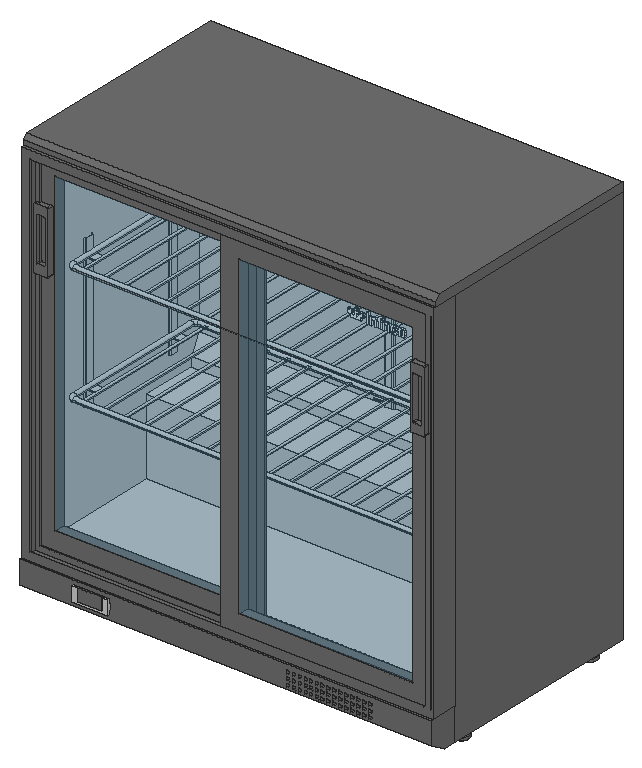
Revit family "QF_INFRICO_ERV25C_250806112521", category Specialty Equipment, Revit 2021
Family settings
  Round Connector Dimension = Use Diameter
  Part Type = Normal
  OmniClass Number = 23.40.40.14
  OmniClass Title = Food Service Equipment
  Work Plane-Based = No
  Always vertical = Yes
  Cut with Voids When Loaded = No
  Shared = No
  Room Calculation Point = No
Parameters (values of type "ERV25C")
  Weight [instance] = 82.9983 kg
  Warranty Start Date [instance] = ""
  Warranty Duration [instance] = ""
  Volts [instance] = 230 V
  Volt Free Conn [instance] = no
  URL Recommended Spares List [instance] = ""
  URL Manufacturer [instance] = ""
  URL Cutsheet [instance] = ""
  URL Critical Spares List [instance] = ""
  URL = "www.infrico.com"
  Technical Documentation [instance] = ""
  Tag Number [instance] = ""
  Status [instance] = ""
  Start Up Current [instance] = 0 A
  Specification by User [instance] = ""
  Specification by Manufacturer [instance] = ""
  Sound Level [instance] = ""
  Show Logo [instance] = yes
  Show Clearances [instance] = yes
  Service Life Duration [instance] = ""
  Serial Number [instance] = ""
  Seismic Rating [instance] = ""
  SMACNA No [instance] = ""
  Revision Code [instance] = ""
  Revision [instance] = ""
  Production Year [instance] = ""
  Potential Equalisation [instance] = no
  Point Load [instance] = 0
  Phase [instance] = 1
  Other Equipment Approvals [instance] = ""
  Operational Current [instance] = 0 A
  Number of Poles [instance] = 2
  No Load Power Draw [instance] = no
  NAFEM Spec ID Number [instance] = ""
  Model Warning [instance] = ""
  Model = "ERV25C"
  Min Ckt Ampacity [instance] = 0 A
  Max Overcurrent Protection [instance] = 0 A
  Masterspec [instance] = ""
  Manufacturer = "INFRICO"
  Main switch integrated [instance] = no
  Length Actual [instance] = 899.922 mm
  Item Number [instance] = ""
  Installed By [instance] = ""
  Installation Date [instance] = ""
  Identify Quantity as Lot [instance] = no
  ID [instance] = ""
  Hygiene Approval [instance] = ""
  Height Actual [instance] = 919.988 mm
  HP power [instance] = ""
  Furnished By [instance] = ""
  Foodservice Equipment Identifier [instance] = no
  FL Amps [instance] = 0 A
  Electrical Remarks [instance] = ""
  Electric power [instance] = 260 W
  Electric Connection Type [instance] = ""
  Elec Conn RI Height [instance] = 0 mm
  Elec Conn Connection Height [instance] = 0 mm
  ETL Approved [instance] = no
  Description = "BACK-BAR 920 MM HEIGHT - GLASS SLIDING DOORS - TWO DOORS - R290"
  Depth Actual [instance] = 510.032 mm
  Default Elevation = 0 mm
  Cycle [instance] = 50 Hz
  Cost = 0
  Connection to energy optimisation system [instance] = yes
  Conn Plug [instance] = ""
  Conn Conduit [instance] = no
  Centralized building control system with digital interface [instance] = ""
  CSI MasterFormat [instance] = ""
  CE Approved [instance] = no
  Barcode [instance] = 0
  Author [instance] = ""
  Asset Identifier [instance] = ""
  Apparent Power [instance] = 260 VA
  Accessory [instance] = no
Reference planes
  plane 1 "Center (Front/Back)": y = 0
  plane 2: z = 0
  plane 3 "Center (Left/Right)": x = 0
Forms (mm)
  Extrusion 1, solid, not visible
    sketch origin (400.02, -2, 35.002) x (1, 0, 0) y (0, 1, 0)
      loop
        line (-2, 2) -> (-2, -2) -> (2, -2) -> (2, 2) -> (-2, 2)
    from -2 to 2
Dimensions and locks
  locked: Extrusion 1 to nested 2
  locked: nested 2 to Extrusion 1 at 2
  aligned and locked: level to plane 2
Nested families
  nested 1: "QF_INFRICO_ERV25C_2920" at (0, 0, 0), type "ERV25C"
    with Weight 82.9983 kg, Warranty Start Date "", Warranty Duration "", URL Cutsheet "", Technical Documentation "", Tag Number "", Status "", Specification by User "", Specification by Manufacturer "", Sound Level "", Solid Fuel Type "", Show Logo yes, Show Clearances yes, Show Clearance yes, Service Life Duration "", Serial Number "", Seismic Rating "", SMACNA No "", Revision Code "", Revision "", Production Year "", Point Load 0, Other Equipment Approvals "", NAFEM Spec ID Number "", Model Warning "", Masterspec "", Length Actual 899.922 mm, Item Number "", Installed By "", Installation Date "", Identify Quantity as Lot yes, ID "", Hygiene Approval "", Height Actual 919.988 mm, Furnished By "", Foodservice Equipment Identifier yes, ETL Approved yes, Depth Actual 510.032 mm, CSI MasterFormat "", CE Approved no, Barcode "", Author "", Asset Identifier "", Accessory no
  nested 2: "CONN_POINT_ELE_2D___Generic_Annotation" at (400.02, 0, 35.002), type "CONN_POINT_ELE_2D___Generic_Annotation"
    with Onboard connection annotation symbol visibility yes
Connectors
  electrical at (400.02, 0, 35.002), driven by "Apparent Power", driven by "Number of Poles", driven by "Volts"
    settings: on Extrusion 1, index 1, voltage 230 V, apparent load 0 VA, apparent load phase1 260 VA, apparent load phase2 0 VA, apparent load phase3 0 VA, power factor 1, load classification "Other", number of poles 2, system type 31, power factor state 1, is connector primary yes, connector utility no, sub classification motor no, connector description "Electrical connection for ERV25C"
Definition of nested family "QF_INFRICO_ERV25C_2920"
  Parameters (values of type "ERV25C")
    Weight [instance] = 0.00 kg
    Warranty Start Date [instance] = ""
    Warranty Duration [instance] = ""
    URL Cutsheet [instance] = ""
    URL = "www.infrico.com"
    Technical Documentation [instance] = ""
    Tag Number [instance] = ""
    Status [instance] = ""
    Specification by User [instance] = ""
    Specification by Manufacturer [instance] = ""
    Sound Level [instance] = ""
    Solid Fuel Type [instance] = ""
    Show Logo [instance] = yes
    Show Clearances [instance] = yes
    Show Clearance [instance] = yes
    Service Life Duration [instance] = ""
    Serial Number [instance] = ""
    Seismic Rating [instance] = ""
    SMACNA No [instance] = ""
    Revision Code [instance] = ""
    Revision [instance] = ""
    Production Year [instance] = ""
    Point Load [instance] = 0
    Other Equipment Approvals [instance] = ""
    NAFEM Spec ID Number [instance] = ""
    Model Warning [instance] = ""
    Model = "ERV25C"
    Masterspec [instance] = ""
    Manufacturer = "INFRICO"
    Length Actual [instance] = 0 mm
    Item Number [instance] = ""
    Installed By [instance] = ""
    Installation Date [instance] = ""
    Identify Quantity as Lot [instance] = yes
    ID [instance] = ""
    Hygiene Approval [instance] = ""
    Height Actual [instance] = 0 mm
    Furnished By [instance] = ""
    Foodservice Equipment Identifier [instance] = yes
    ETL Approved [instance] = yes
    Description = "BACK-BAR 920 MM HEIGHT - GLASS SLIDING DOORS - TWO DOORS - R290"
    Depth Actual [instance] = 0 mm
    Default Elevation = 0 mm
    CSI MasterFormat [instance] = ""
    CE Approved [instance] = yes
    Barcode [instance] = ""
    Author [instance] = ""
    Asset Identifier [instance] = ""
    Assembly Code = "E1090320"
    Accessory [instance] = yes
  Reference planes
    plane 1 "Back": y = 0
    plane 2: z = 0
    plane 3 "Left": x = 0
    plane 4 "Right": x = 900
    plane 5 "Front": y = -510
    plane 6 "Top": z = 920
  Forms (mm)
    Extrusion 1, solid
      sketch origin (0, 0, -18) x (0, 1, 0) y (0, 0, 1)
        loop
          line (0, 905) -> (-460, 905) -> (-460, 30) -> (0, 30) -> (0, 905)
      from 0 to 30
    Extrusion 2, solid
      sketch origin (0, 0, -13) x (0, 1, 0) y (0, 0, 1)
        loop
          line (0, 900) -> (0, 920) -> (-500, 920) -> (-510, 910) -> (-510, 900) -> (0, 900)
      from 0 to 900
    Extrusion 3, solid
      sketch origin (870, 0, -18) x (0, 1, 0) y (0, 0, 1)
        loop
          line (0, 905) -> (-460, 905) -> (-460, 30) -> (0, 30) -> (0, 905)
      from 0 to 30
    Extrusion 4, solid
      sketch origin (0, 0, -13) x (1, 0, 0) y (0, 0, 1)
        loop
          line (30, 900) -> (30, 254) -> (870, 254) -> (870, 900) -> (30, 900)
      from 0 to 12
    Extrusion 5, solid
      sketch origin (0, 0, -13) x (1, 0, 0) y (0, 0, 1)
        loop
          line (30, 254) -> (30, 25) -> (870, 25) -> (870, 254) -> (30, 254)
      from 0 to 12
    Extrusion 6, solid
      sketch origin (0, 0, -13) x (0, 1, 0) y (0, 0, 1)
        loop
          line (-12, 25) -> (-12, 35) -> (-460, 35) -> (-460, 25) -> (-12, 25)
      from 30 to 870
    Extrusion 7, solid
      sketch origin (0, 0, -112) x (0, 1, 0) y (0, 0, 1)
        loop
          line (-460, 144) -> (-520, 144) -> (-485, 124) -> (-460, 124) -> (-460, 144)
      from 0 to 900
    Extrusion 8, solid
      sketch origin (-856, -525, -482) x (1, 0, 0) y (0, 0, -1)
        loop
          arc (974, -555) -> (1012.5, -557) -> (1051, -555) r 371.563
          arc (1051, -555) -> (1052, -539) -> (1051, -523) r 128.5
          arc (1051, -523) -> (1012.5, -521) -> (974, -523) r 371.563
          arc (974, -523) -> (973, -539) -> (974, -555) r 128.5
      from 0 to 5
    Extrusion 9, solid
      sketch origin (-856, -525.1, -482) x (1, 0, 0) y (0, 0, -1)
        loop
          line (1038, -528.124) -> (987, -528.124) -> (987, -556.124)
          arc (987, -556.124) -> (1012.5, -557) -> (1038, -556.124) r 371.563
          line (1038, -556.124) -> (1038, -528.124)
      from 0 to 2
    Extrusion 10, solid
      sketch origin (450, -490, -25.5) x (1, 0, 0) y (0, 0, 1)
        loop
          line (-17, 897.5) -> (-17, 122.5) -> (443, 122.5) -> (443, 897.5) -> (-17, 897.5)
        loop
          line (23, 857.5) -> (23, 162.5) -> (403, 162.5) -> (403, 857.5) -> (23, 857.5)
      from 0 to 24
    Extrusion 11, solid, visible <- "Show Logo"
      sketch origin (-453.231, -510, 106.214) x (1, 0, 0) y (0, 0, 1)
        loop
          line (1208.799, 696.53) -> (1208.799, 719.204) -> (1204.173, 719.204) -> (1204.173, 696.53) -> (1208.799, 696.53)
        loop
          line (1214.779, 713.006) -> (1211.283, 713.006) -> (1211.283, 696.53) -> (1215.772, 696.53) -> (1215.772, 707.832)
          arc (1215.772, 707.832) -> (1217.528, 708.741) -> (1219.417, 709.324) r 11.052
          arc (1219.417, 709.324) -> (1220.929, 708.961) -> (1221.598, 707.557) r 1.806
          line (1221.598, 707.557) -> (1221.598, 696.53) -> (1226.121, 696.53) -> (1226.121, 708.689)
          arc (1226.121, 708.689) -> (1224.637, 712.075) -> (1221.141, 713.281) r 4.607
          arc (1221.141, 713.281) -> (1218.282, 712.674) -> (1215.669, 711.361) r 11.435
          line (1215.669, 711.361) -> (1215.601, 712.184)
          arc (1215.601, 712.184) -> (1215.36, 712.765) -> (1214.779, 713.006) r 0.822
        loop
          line (1238.557, 720.102) -> (1237.306, 720.102)
          arc (1237.306, 720.102) -> (1235.052, 719.926) -> (1232.881, 719.297) r 11.103
          arc (1232.881, 719.297) -> (1230.805, 717.616) -> (1230.024, 715.062) r 4.567
          line (1230.024, 715.062) -> (1230.024, 712.909) -> (1227.351, 712.703) -> (1227.351, 709.374) -> (1230.024, 709.374) -> (1230.024, 696.53) -> (1234.547, 696.53) -> (1234.547, 709.374) -> (1238.249, 709.374) -> (1238.249, 712.938) -> (1234.547, 712.938) -> (1234.547, 714.548)
          arc (1234.547, 714.548) -> (1234.956, 715.705) -> (1236.045, 716.271) r 1.67
          line (1236.045, 716.271) -> (1237.7, 716.399)
          arc (1237.7, 716.399) -> (1238.306, 716.65) -> (1238.557, 717.255) r 0.857
          line (1238.557, 717.255) -> (1238.557, 720.102)
        loop
          line (1239.479, 713.006) -> (1239.479, 696.53) -> (1243.968, 696.53) -> (1243.968, 707.352)
          arc (1243.968, 707.352) -> (1245.873, 708.631) -> (1248.077, 709.268) r 7.435
          line (1248.077, 709.268) -> (1249.241, 709.416)
          arc (1249.241, 709.416) -> (1249.643, 709.758) -> (1249.793, 710.265) r 0.928
          line (1249.793, 710.265) -> (1249.793, 712.458)
          arc (1249.793, 712.458) -> (1249.531, 713.061) -> (1248.912, 713.28) r 0.824
          arc (1248.912, 713.28) -> (1246.197, 712.588) -> (1243.899, 710.984) r 7.833
          line (1243.899, 710.984) -> (1243.726, 713.006) -> (1239.479, 713.006)
        loop
          line (1255.495, 696.53) -> (1255.495, 713.006) -> (1251.006, 713.006) -> (1251.006, 696.53) -> (1255.495, 696.53)
        loop
          arc (1257.421, 701.327) -> (1258.567, 698.188) -> (1261.466, 696.525) r 4.873
          arc (1261.466, 696.525) -> (1264.493, 696.266) -> (1267.521, 696.525) r 17.816
          arc (1267.521, 696.525) -> (1270.575, 699.134) -> (1271.505, 703.041) r 6.481
          line (1271.505, 703.041) -> (1267.187, 703.041) -> (1267.187, 701.67)
          arc (1267.187, 701.67) -> (1266.64, 700.452) -> (1265.442, 699.865) r 1.965
          arc (1265.442, 699.865) -> (1264.547, 699.816) -> (1263.653, 699.865) r 8.196
          arc (1263.653, 699.865) -> (1262.417, 700.415) -> (1261.91, 701.67) r 1.806
          line (1261.91, 701.67) -> (1261.91, 707.9)
          arc (1261.91, 707.9) -> (1262.417, 709.155) -> (1263.653, 709.705) r 1.806
          arc (1263.653, 709.705) -> (1264.547, 709.754) -> (1265.442, 709.705) r 8.196
          arc (1265.442, 709.705) -> (1266.64, 709.118) -> (1267.187, 707.9) r 1.965
          line (1267.187, 707.9) -> (1267.187, 706.838) -> (1271.505, 706.838)
          arc (1271.505, 706.838) -> (1270.524, 710.556) -> (1267.521, 712.959) r 6.132
          arc (1267.521, 712.959) -> (1264.493, 713.294) -> (1261.466, 712.959) r 13.851
          arc (1261.466, 712.959) -> (1258.571, 711.349) -> (1257.421, 708.243) r 4.772
          line (1257.421, 708.243) -> (1257.421, 701.327)
        loop
          arc (1272.916, 701.329) -> (1273.993, 698.345) -> (1276.726, 696.734) r 4.676
          arc (1276.726, 696.734) -> (1278.515, 696.455) -> (1280.318, 696.291) r 28.371
          arc (1280.318, 696.291) -> (1282.122, 696.455) -> (1283.911, 696.734) r 28.371
          arc (1283.911, 696.734) -> (1286.644, 698.345) -> (1287.72, 701.329) r 4.676
          line (1287.72, 701.329) -> (1287.72, 708.242)
          arc (1287.72, 708.242) -> (1286.644, 711.226) -> (1283.911, 712.837) r 4.676
          arc (1283.911, 712.837) -> (1282.122, 713.116) -> (1280.318, 713.28) r 28.371
          arc (1280.318, 713.28) -> (1278.515, 713.116) -> (1276.726, 712.837) r 28.371
          arc (1276.726, 712.837) -> (1273.993, 711.226) -> (1272.916, 708.242) r 4.676
          line (1272.916, 708.242) -> (1272.916, 701.329)
        loop
          line (1277.405, 707.866) -> (1277.405, 701.705)
          arc (1277.405, 701.705) -> (1277.844, 700.556) -> (1278.936, 699.991) r 1.725
          arc (1278.936, 699.991) -> (1279.627, 699.918) -> (1280.318, 699.856) r 46.133
          arc (1280.318, 699.856) -> (1281.01, 699.918) -> (1281.701, 699.991) r 46.133
          arc (1281.701, 699.991) -> (1282.793, 700.556) -> (1283.231, 701.705) r 1.725
          line (1283.231, 701.705) -> (1283.231, 707.866)
          arc (1283.231, 707.866) -> (1282.793, 709.015) -> (1281.701, 709.58) r 1.725
          arc (1281.701, 709.58) -> (1281.01, 709.653) -> (1280.318, 709.716) r 46.133
          arc (1280.318, 709.716) -> (1279.627, 709.653) -> (1278.936, 709.58) r 46.133
          arc (1278.936, 709.58) -> (1277.844, 709.015) -> (1277.405, 707.866) r 1.725
        loop
          arc (1190.339, 696.543) -> (1191.411, 696.987) -> (1191.856, 698.059) r 1.516
          line (1191.856, 698.059) -> (1191.856, 703.891) -> (1196.035, 703.891)
          arc (1196.035, 703.891) -> (1196.79, 704.121) -> (1197.218, 704.782) r 1.147
          line (1197.218, 704.782) -> (1197.218, 706.211)
          arc (1197.218, 706.211) -> (1196.787, 707.258) -> (1195.719, 707.634) r 1.385
          line (1195.719, 707.634) -> (1194.52, 707.634) -> (1197.218, 710.332)
          arc (1197.218, 710.332) -> (1197.605, 711.266) -> (1197.218, 712.2) r 1.321
          line (1197.218, 712.2) -> (1196.495, 712.923)
          arc (1196.495, 712.923) -> (1195.54, 713.338) -> (1194.558, 712.991) r 1.422
          line (1194.558, 712.991) -> (1191.853, 710.286) -> (1191.853, 711.479)
          arc (1191.853, 711.479) -> (1191.443, 712.516) -> (1190.435, 712.992) r 1.516
          line (1190.435, 712.992) -> (1189.514, 712.992)
          arc (1189.514, 712.992) -> (1188.511, 712.514) -> (1188.103, 711.479) r 1.516
          line (1188.103, 711.479) -> (1188.103, 706.83) -> (1182.073, 701.336) -> (1182.073, 707.509) -> (1185.639, 711.075)
          arc (1185.639, 711.075) -> (1186.053, 712.073) -> (1185.639, 713.071) r 1.412
          line (1185.639, 713.071) -> (1184.987, 713.723)
          arc (1184.987, 713.723) -> (1183.939, 714.141) -> (1182.915, 713.667) r 1.428
          line (1182.915, 713.667) -> (1182.073, 712.825) -> (1182.073, 717.784)
          arc (1182.073, 717.784) -> (1181.658, 718.787) -> (1180.655, 719.203) r 1.418
          line (1180.655, 719.203) -> (1179.726, 719.203)
          arc (1179.726, 719.203) -> (1178.723, 718.787) -> (1178.308, 717.784) r 1.418
          line (1178.308, 717.784) -> (1178.308, 712.825) -> (1177.466, 713.667)
          arc (1177.466, 713.667) -> (1176.442, 714.141) -> (1175.394, 713.723) r 1.428
          line (1175.394, 713.723) -> (1174.742, 713.071)
          arc (1174.742, 713.071) -> (1174.328, 712.073) -> (1174.742, 711.075) r 1.412
          line (1174.742, 711.075) -> (1178.308, 707.509) -> (1178.308, 701.336) -> (1172.278, 706.83) -> (1172.278, 711.479)
          arc (1172.278, 711.479) -> (1171.87, 712.514) -> (1170.867, 712.992) r 1.516
          line (1170.867, 712.992) -> (1169.946, 712.992)
          arc (1169.946, 712.992) -> (1168.938, 712.516) -> (1168.528, 711.479) r 1.516
          line (1168.528, 711.479) -> (1168.528, 710.286) -> (1165.823, 712.991)
          arc (1165.823, 712.991) -> (1164.841, 713.338) -> (1163.886, 712.923) r 1.422
          line (1163.886, 712.923) -> (1163.163, 712.2)
          arc (1163.163, 712.2) -> (1162.776, 711.266) -> (1163.163, 710.332) r 1.321
          line (1163.163, 710.332) -> (1165.861, 707.634) -> (1164.662, 707.634)
          arc (1164.662, 707.634) -> (1163.594, 707.258) -> (1163.163, 706.211) r 1.385
          line (1163.163, 706.211) -> (1163.163, 704.782)
          arc (1163.163, 704.782) -> (1163.591, 704.121) -> (1164.346, 703.891) r 1.147
          line (1164.346, 703.891) -> (1168.525, 703.891) -> (1168.525, 698.059)
          arc (1168.525, 698.059) -> (1168.969, 696.987) -> (1170.042, 696.543) r 1.516
          line (1170.042, 696.543) -> (1190.339, 696.543)
      from 0 to 2
    Revolve 12, solid
      sketch origin (15, -70, 0) x (0, 1, 0) y (0, 0, 1)
        loop
          line (0, 0) -> (0, 12) -> (-5, 12) -> (-5, 9.5) -> (-13, 9.5)
          arc (-13, 9.5) -> (-14.414, 8.914) -> (-15, 7.5) r 2
          line (-15, 7.5) -> (-15, 2.5) -> (-12, 2.5) -> (-12, 0) -> (0, 0)
        axis (0, 0) -> (0, 12)
      angle from 0 to 360
    Revolve 13, solid
      sketch origin (15, -420, 0) x (0, 1, 0) y (0, 0, 1)
        loop
          line (0, 0) -> (0, 12) -> (-5, 12) -> (-5, 9.5) -> (-13, 9.5)
          arc (-13, 9.5) -> (-14.414, 8.914) -> (-15, 7.5) r 2
          line (-15, 7.5) -> (-15, 2.5) -> (-12, 2.5) -> (-12, 0) -> (0, 0)
        axis (0, 0) -> (0, 12)
      angle from 0 to 360
    Revolve 14, solid
      sketch origin (885, -70, 0) x (0, 1, 0) y (0, 0, 1)
        loop
          line (0, 0) -> (0, 12) -> (-5, 12) -> (-5, 9.5) -> (-13, 9.5)
          arc (-13, 9.5) -> (-14.414, 8.914) -> (-15, 7.5) r 2
          line (-15, 7.5) -> (-15, 2.5) -> (-12, 2.5) -> (-12, 0) -> (0, 0)
        axis (0, 0) -> (0, 12)
      angle from 0 to 360
    Revolve 15, solid
      sketch origin (885, -420, 0) x (0, 1, 0) y (0, 0, 1)
        loop
          line (0, 0) -> (0, 12) -> (-5, 12) -> (-5, 9.5) -> (-13, 9.5)
          arc (-13, 9.5) -> (-14.414, 8.914) -> (-15, 7.5) r 2
          line (-15, 7.5) -> (-15, 2.5) -> (-12, 2.5) -> (-12, 0) -> (0, 0)
        axis (0, 0) -> (0, 12)
      angle from 0 to 360
    Extrusion 16, solid
      sketch origin (0, 0, -815) x (0, 1, 0) y (0, 0, 1)
        loop
          line (-458, 931.5) -> (-458, 919.5) -> (-204, 919.5) -> (-204, 1084.5) -> (-81, 1084.5) -> (-81, 1113.667) -> (-61, 1153.667) -> (-61, 1494.333) -> (-81, 1534.333) -> (-81, 1693.5) -> (-458, 1693.5) -> (-458, 1681.5) -> (-93, 1681.5) -> (-93, 1531.5) -> (-73, 1491.5) -> (-73, 1156.5) -> (-93, 1116.5) -> (-93, 1096.5) -> (-216, 1096.5) -> (-216, 931.5) -> (-458, 931.5)
      from 30 to 870
    Extrusion 17, solid
      sketch origin (-550, -512, -12.5) x (1, 0, 0) y (0, 0, 1)
        loop
          line (1023, 844.5) -> (1023, 149.5) -> (1403, 149.5) -> (1403, 844.5) -> (1023, 844.5)
      from 0 to 2
    Extrusion 18, solid
      sketch origin (-925.627, -156, 332.5) x (1, 0, 0) y (0, 1, 0)
        loop
          line (957.627, 0) -> (958.627, 0) -> (958.627, 1) -> (962.627, 3) -> (962.627, 18) -> (958.627, 20) -> (958.627, 21) -> (957.627, 21) -> (957.627, 19.382) -> (961.627, 17.382) -> (961.627, 3.618) -> (957.627, 1.618) -> (957.627, 0)
      from 0 to 330
    Extrusion 19, solid
      sketch origin (-829.627, -156, 625.5) x (1, 0, 0) y (0, 1, 0)
        loop
          line (862.627, 21) -> (862.627, 20) -> (866.627, 18) -> (866.627, 3) -> (862.627, 1) -> (862.627, 0) -> (892.627, 0) -> (892.627, 21) -> (862.627, 21)
      from 0 to 2
    Extrusion 20, solid
      sketch origin (-829.627, -156, 367.5) x (1, 0, 0) y (0, 1, 0)
        loop
          line (862.627, 21) -> (862.627, 20) -> (866.627, 18) -> (866.627, 3) -> (862.627, 1) -> (862.627, 0) -> (892.627, 0) -> (892.627, 21) -> (862.627, 21)
      from 0 to 2
    Extrusion 21, solid
      sketch origin (-925.627, -386, 332.5) x (1, 0, 0) y (0, 1, 0)
        loop
          line (957.627, 0) -> (958.627, 0) -> (958.627, 1) -> (962.627, 3) -> (962.627, 18) -> (958.627, 20) -> (958.627, 21) -> (957.627, 21) -> (957.627, 19.382) -> (961.627, 17.382) -> (961.627, 3.618) -> (957.627, 1.618) -> (957.627, 0)
      from 0 to 330
    Extrusion 22, solid
      sketch origin (-829.627, -386, 625.5) x (1, 0, 0) y (0, 1, 0)
        loop
          line (862.627, 21) -> (862.627, 20) -> (866.627, 18) -> (866.627, 3) -> (862.627, 1) -> (862.627, 0) -> (892.627, 0) -> (892.627, 21) -> (862.627, 21)
      from 0 to 2
    Extrusion 23, solid
      sketch origin (-829.627, -386, 367.5) x (1, 0, 0) y (0, 1, 0)
        loop
          line (862.627, 21) -> (862.627, 20) -> (866.627, 18) -> (866.627, 3) -> (862.627, 1) -> (862.627, 0) -> (892.627, 0) -> (892.627, 21) -> (862.627, 21)
      from 0 to 2
    Extrusion 24, solid
      sketch origin (1825.627, -156, 332.5) x (-1, 0, 0) y (0, -1, 0)
        loop
          line (957.627, 0) -> (957.627, -1.618) -> (961.627, -3.618) -> (961.627, -17.382) -> (957.627, -19.382) -> (957.627, -21) -> (958.627, -21) -> (958.627, -20) -> (962.627, -18) -> (962.627, -3) -> (958.627, -1) -> (958.627, 0) -> (957.627, 0)
      from 0 to 330
    Extrusion 25, solid
      sketch origin (1729.627, -156, 625.5) x (-1, 0, 0) y (0, -1, 0)
        loop
          line (862.627, -21) -> (892.627, -21) -> (892.627, 0) -> (862.627, 0) -> (862.627, -1) -> (866.627, -3) -> (866.627, -18) -> (862.627, -20) -> (862.627, -21)
      from 0 to 2
    Extrusion 26, solid
      sketch origin (1729.627, -156, 367.5) x (-1, 0, 0) y (0, -1, 0)
        loop
          line (862.627, -21) -> (892.627, -21) -> (892.627, 0) -> (862.627, 0) -> (862.627, -1) -> (866.627, -3) -> (866.627, -18) -> (862.627, -20) -> (862.627, -21)
      from 0 to 2
    Extrusion 27, solid
      sketch origin (1825.627, -386, 332.5) x (-1, 0, 0) y (0, -1, 0)
        loop
          line (957.627, 0) -> (957.627, -1.618) -> (961.627, -3.618) -> (961.627, -17.382) -> (957.627, -19.382) -> (957.627, -21) -> (958.627, -21) -> (958.627, -20) -> (962.627, -18) -> (962.627, -3) -> (958.627, -1) -> (958.627, 0) -> (957.627, 0)
      from 0 to 330
    Extrusion 28, solid
      sketch origin (1729.627, -386, 625.5) x (-1, 0, 0) y (0, -1, 0)
        loop
          line (862.627, -21) -> (892.627, -21) -> (892.627, 0) -> (862.627, 0) -> (862.627, -1) -> (866.627, -3) -> (866.627, -18) -> (862.627, -20) -> (862.627, -21)
      from 0 to 2
    Extrusion 29, solid
      sketch origin (1729.627, -386, 367.5) x (-1, 0, 0) y (0, -1, 0)
        loop
          line (862.627, -21) -> (892.627, -21) -> (892.627, 0) -> (862.627, 0) -> (862.627, -1) -> (866.627, -3) -> (866.627, -18) -> (862.627, -20) -> (862.627, -21)
      from 0 to 2
    Extrusion 30, solid
      sketch origin (0, -458, 0) x (1, 0, 0) y (0, 0, 1)
        loop
          line (413, 887) -> (413, 82) -> (487, 82) -> (487, 887) -> (413, 887)
      from 0 to 2
    Extrusion 31, solid
      sketch origin (460.5, -1415.627, 332.5) x (0, 1, 0) y (-1, 0, 0)
        loop
          line (957.627, 0) -> (958.627, 0) -> (958.627, 1) -> (962.627, 3) -> (962.627, 18) -> (958.627, 20) -> (958.627, 21) -> (957.627, 21) -> (957.627, 19.382) -> (961.627, 17.382) -> (961.627, 3.618) -> (957.627, 1.618) -> (957.627, 0)
      from 0 to 330
    Extrusion 32, solid
      sketch origin (460.5, -1319.627, 625.5) x (0, 1, 0) y (-1, 0, 0)
        loop
          line (862.627, 21) -> (862.627, 20) -> (866.627, 18) -> (866.627, 3) -> (862.627, 1) -> (862.627, 0) -> (892.627, 0) -> (892.627, 21) -> (862.627, 21)
      from 0 to 2
    Extrusion 33, solid
      sketch origin (460.5, -1319.627, 367.5) x (0, 1, 0) y (-1, 0, 0)
        loop
          line (862.627, 21) -> (862.627, 20) -> (866.627, 18) -> (866.627, 3) -> (862.627, 1) -> (862.627, 0) -> (892.627, 0) -> (892.627, 21) -> (862.627, 21)
      from 0 to 2
    Extrusion 34, solid
      sketch origin (460.5, 884.627, 332.5) x (0, -1, 0) y (1, 0, 0)
        loop
          line (957.627, 0) -> (957.627, -1.618) -> (961.627, -3.618) -> (961.627, -17.382) -> (957.627, -19.382) -> (957.627, -21) -> (958.627, -21) -> (958.627, -20) -> (962.627, -18) -> (962.627, -3) -> (958.627, -1) -> (958.627, 0) -> (957.627, 0)
      from 9 to 330
    Extrusion 35, solid
      sketch origin (460.5, 788.627, 625.5) x (0, -1, 0) y (1, 0, 0)
        loop
          line (862.627, -21) -> (892.627, -21) -> (892.627, 0) -> (862.627, 0) -> (862.627, -1) -> (866.627, -3) -> (866.627, -18) -> (862.627, -20) -> (862.627, -21)
      from 0 to 2
    Extrusion 36, solid
      sketch origin (460.5, 788.627, 367.5) x (0, -1, 0) y (1, 0, 0)
        loop
          line (862.627, -21) -> (892.627, -21) -> (892.627, 0) -> (862.627, 0) -> (862.627, -1) -> (866.627, -3) -> (866.627, -18) -> (862.627, -20) -> (862.627, -21)
      from 0 to 2
    Extrusion 37, solid
      sketch origin (1000, -458, -4) x (1, 0, 0) y (0, 0, 1)
        loop
          line (-1000, 891) -> (-1000, 86) -> (-100, 86) -> (-100, 891) -> (-1000, 891)
        loop
          line (-993, 92) -> (-107, 92) -> (-107, 885) -> (-993, 885) -> (-993, 92)
      from 2 to 56
    Extrusion 38, solid
      sketch origin (-2000, -514, -4) x (1, 0, 0) y (0, 0, 1)
        loop
          line (2000, 891) -> (2000, 86) -> (2900, 86) -> (2900, 891) -> (2000, 891)
        loop
          line (2882, 104) -> (2882, 873) -> (2018, 873) -> (2018, 104) -> (2882, 104)
      from 0 to 2
    Extrusion 39, solid
      sketch origin (-2000, -458, -4) x (1, 0, 0) y (0, 0, 1)
        loop
          line (2000, 891) -> (2000, 86) -> (2900, 86) -> (2900, 891) -> (2000, 891)
        loop
          line (2872, 114) -> (2872, 863) -> (2028, 863) -> (2028, 114) -> (2872, 114)
      from 0 to 2
    Extrusion 40, solid
      sketch origin (-1000, -486, -4) x (1, 0, 0) y (0, 0, 1)
        loop
          line (1007, 885) -> (1007, 92) -> (1893, 92) -> (1893, 885) -> (1007, 885)
        loop
          line (1882, 104) -> (1882, 873) -> (1018, 873) -> (1018, 104) -> (1882, 104)
      from 0 to 2
    Extrusion 41, solid
      sketch origin (450, -460, -25.5) x (-1, 0, 0) y (0, 0, -1)
        loop
          line (-17, -897.5) -> (443, -897.5) -> (443, -122.5) -> (-17, -122.5) -> (-17, -897.5)
        loop
          line (23, -857.5) -> (403, -857.5) -> (403, -162.5) -> (23, -162.5) -> (23, -857.5)
      from 0 to 24
    Extrusion 42, solid
      sketch origin (-1495, -514, 27) x (1, 0, 0) y (0, 0, 1)
        loop
          arc (2355, 745) -> (2353.586, 744.414) -> (2353, 743) r 2
          line (2353, 743) -> (2353, 610)
          arc (2353, 610) -> (2353.586, 608.586) -> (2355, 608) r 2
          line (2355, 608) -> (2381, 608)
          arc (2381, 608) -> (2382.414, 608.586) -> (2383, 610) r 2
          line (2383, 610) -> (2383, 743)
          arc (2383, 743) -> (2382.414, 744.414) -> (2381, 745) r 2
          line (2381, 745) -> (2355, 745)
        loop
          arc (2360, 725) -> (2358.586, 724.414) -> (2358, 723) r 2
          line (2358, 723) -> (2358, 630)
          arc (2358, 630) -> (2358.586, 628.586) -> (2360, 628) r 2
          line (2360, 628) -> (2376, 628)
          arc (2376, 628) -> (2377.414, 628.586) -> (2378, 630) r 2
          line (2378, 630) -> (2378, 723)
          arc (2378, 723) -> (2377.414, 724.414) -> (2376, 725) r 2
          line (2376, 725) -> (2360, 725)
      from 0 to 12
    Extrusion 43, solid
      sketch origin (1450, -482, -12.5) x (-1, 0, 0) y (0, 0, -1)
        loop
          line (1023, -844.5) -> (1403, -844.5) -> (1403, -149.5) -> (1023, -149.5) -> (1023, -844.5)
      from 0 to 2
    Extrusion 44, solid
      sketch origin (2395, -484, 27) x (-1, 0, 0) y (0, 0, -1)
        loop
          line (2355, -745) -> (2381, -745)
          arc (2381, -745) -> (2382.414, -744.414) -> (2383, -743) r 2
          line (2383, -743) -> (2383, -610)
          arc (2383, -610) -> (2382.414, -608.586) -> (2381, -608) r 2
          line (2381, -608) -> (2355, -608)
          arc (2355, -608) -> (2353.586, -608.586) -> (2353, -610) r 2
          line (2353, -610) -> (2353, -743)
          arc (2353, -743) -> (2353.586, -744.414) -> (2355, -745) r 2
        loop
          line (2360, -725) -> (2376, -725)
          arc (2376, -725) -> (2377.414, -724.414) -> (2378, -723) r 2
          line (2378, -723) -> (2378, -630)
          arc (2378, -630) -> (2377.414, -628.586) -> (2376, -628) r 2
          line (2376, -628) -> (2360, -628)
          arc (2360, -628) -> (2358.586, -628.586) -> (2358, -630) r 2
          line (2358, -630) -> (2358, -723)
          arc (2358, -723) -> (2358.586, -724.414) -> (2360, -725) r 2
      from 0 to 12
    Sweep 45, solid
      path origin (-1000, 0, 632.5) x (1, 0, 0) y (0, 1, 0)
        loop
          arc (1052, -95) -> (1044.929, -97.929) -> (1042, -105) r 10
          line (1042, -105) -> (1042, -425)
          arc (1042, -425) -> (1044.929, -432.071) -> (1052, -435) r 10
          line (1052, -435) -> (1848, -435)
          arc (1848, -435) -> (1855.071, -432.071) -> (1858, -425) r 10
          line (1858, -425) -> (1858, -105)
          arc (1858, -105) -> (1855.071, -97.929) -> (1848, -95) r 10
          line (1848, -95) -> (1052, -95)
      profile origin (450, -95, 632.5) x (0, 1, 0) y (0, 0, 1)
        loop
          circle (0, 0) r 5
    Extrusion 46, solid
      sketch origin (-1000, 5, -800.5) x (1, 0, 0) y (0, 0, 1)
        loop
          circle (1337.5, 1433) r 2.5
        loop
          circle (1382.5, 1433) r 2.5
        loop
          circle (1427.5, 1433) r 2.5
        loop
          circle (1472.5, 1433) r 2.5
        loop
          circle (1517.5, 1433) r 2.5
        loop
          circle (1067.5, 1433) r 2.5
        loop
          circle (1112.5, 1433) r 2.5
        loop
          circle (1157.5, 1433) r 2.5
        loop
          circle (1202.5, 1433) r 2.5
        loop
          circle (1247.5, 1433) r 2.5
        loop
          circle (1292.5, 1433) r 2.5
        loop
          circle (1562.5, 1433) r 2.5
        loop
          circle (1607.5, 1433) r 2.5
        loop
          circle (1652.5, 1433) r 2.5
        loop
          circle (1697.5, 1433) r 2.5
        loop
          circle (1742.5, 1433) r 2.5
        loop
          circle (1787.5, 1433) r 2.5
        loop
          circle (1832.5, 1433) r 2.5
      from 100 to 440
    Sweep 47, solid
      path origin (-1000, 0, 374.5) x (1, 0, 0) y (0, 1, 0)
        loop
          arc (1052, -95) -> (1044.929, -97.929) -> (1042, -105) r 10
          line (1042, -105) -> (1042, -425)
          arc (1042, -425) -> (1044.929, -432.071) -> (1052, -435) r 10
          line (1052, -435) -> (1848, -435)
          arc (1848, -435) -> (1855.071, -432.071) -> (1858, -425) r 10
          line (1858, -425) -> (1858, -105)
          arc (1858, -105) -> (1855.071, -97.929) -> (1848, -95) r 10
          line (1848, -95) -> (1052, -95)
      profile origin (450, -95, 374.5) x (0, 1, 0) y (0, 0, 1)
        loop
          circle (0, 0) r 5
    Extrusion 48, solid
      sketch origin (-1000, 5, -1058.5) x (1, 0, 0) y (0, 0, 1)
        loop
          circle (1337.5, 1433) r 2.5
        loop
          circle (1382.5, 1433) r 2.5
        loop
          circle (1427.5, 1433) r 2.5
        loop
          circle (1472.5, 1433) r 2.5
        loop
          circle (1517.5, 1433) r 2.5
        loop
          circle (1067.5, 1433) r 2.5
        loop
          circle (1112.5, 1433) r 2.5
        loop
          circle (1157.5, 1433) r 2.5
        loop
          circle (1202.5, 1433) r 2.5
        loop
          circle (1247.5, 1433) r 2.5
        loop
          circle (1292.5, 1433) r 2.5
        loop
          circle (1607.5, 1433) r 2.5
        loop
          circle (1652.5, 1433) r 2.5
        loop
          circle (1697.5, 1433) r 2.5
        loop
          circle (1742.5, 1433) r 2.5
        loop
          circle (1787.5, 1433) r 2.5
        loop
          circle (1562.5, 1433) r 2.5
        loop
          circle (1832.5, 1433) r 2.5
      from 100 to 440
    Extrusion 49, solid
      sketch origin (0, 1000, 0) x (0, 1, 0) y (0, 0, 1)
        loop
          line (-1460, 866.5) -> (-1460, 116.5) -> (-1216, 116.5) -> (-1216, 281.5) -> (-1093, 281.5) -> (-1093, 301.5) -> (-1073, 341.5) -> (-1073, 676.5) -> (-1093, 716.5) -> (-1093, 866.5) -> (-1460, 866.5)
      from 30 to 32
    Extrusion 50, solid
      sketch origin (838, 1000, 0) x (0, 1, 0) y (0, 0, 1)
        loop
          line (-1460, 866.5) -> (-1460, 116.5) -> (-1216, 116.5) -> (-1216, 281.5) -> (-1093, 281.5) -> (-1093, 301.5) -> (-1073, 341.5) -> (-1073, 676.5) -> (-1093, 716.5) -> (-1093, 866.5) -> (-1460, 866.5)
      from 30 to 32
    Extrusion 51, solid
      sketch origin (-1000, -10, 0) x (1, 0, 0) y (0, 0, 1)
        loop
          line (1000, 82) -> (1000, 32) -> (1900, 32) -> (1900, 82) -> (1000, 82)
        loop
          line (1632, 70) -> (1632, 62) -> (1640, 62) -> (1640, 70) -> (1632, 70)
        loop
          line (1645, 70) -> (1645, 62) -> (1653, 62) -> (1653, 70) -> (1645, 70)
        loop
          line (1658, 70) -> (1658, 62) -> (1666, 62) -> (1666, 70) -> (1658, 70)
        loop
          line (1671, 70) -> (1671, 62) -> (1679, 62) -> (1679, 70) -> (1671, 70)
        loop
          line (1684, 70) -> (1684, 62) -> (1692, 62) -> (1692, 70) -> (1684, 70)
        loop
          line (1697, 70) -> (1697, 62) -> (1705, 62) -> (1705, 70) -> (1697, 70)
        loop
          line (1710, 70) -> (1710, 62) -> (1718, 62) -> (1718, 70) -> (1710, 70)
        loop
          line (1723, 70) -> (1723, 62) -> (1731, 62) -> (1731, 70) -> (1723, 70)
        loop
          line (1736, 70) -> (1736, 62) -> (1744, 62) -> (1744, 70) -> (1736, 70)
        loop
          line (1749, 70) -> (1749, 62) -> (1757, 62) -> (1757, 70) -> (1749, 70)
        loop
          line (1762, 70) -> (1762, 62) -> (1770, 62) -> (1770, 70) -> (1762, 70)
        loop
          line (1582.062, 70) -> (1582.062, 62) -> (1590.062, 62) -> (1590.062, 70) -> (1582.062, 70)
        loop
          line (1595.062, 70) -> (1595.062, 62) -> (1603.062, 62) -> (1603.062, 70) -> (1595.062, 70)
        loop
          line (1608.062, 70) -> (1608.062, 62) -> (1616.062, 62) -> (1616.062, 70) -> (1608.062, 70)
        loop
          line (1621.062, 70) -> (1621.062, 62) -> (1629.062, 62) -> (1629.062, 70) -> (1621.062, 70)
        loop
          line (1632, 57) -> (1632, 49) -> (1640, 49) -> (1640, 57) -> (1632, 57)
        loop
          line (1645, 57) -> (1645, 49) -> (1653, 49) -> (1653, 57) -> (1645, 57)
        loop
          line (1658, 57) -> (1658, 49) -> (1666, 49) -> (1666, 57) -> (1658, 57)
        loop
          line (1671, 57) -> (1671, 49) -> (1679, 49) -> (1679, 57) -> (1671, 57)
        loop
          line (1684, 57) -> (1684, 49) -> (1692, 49) -> (1692, 57) -> (1684, 57)
        loop
          line (1697, 57) -> (1697, 49) -> (1705, 49) -> (1705, 57) -> (1697, 57)
        loop
          line (1710, 57) -> (1710, 49) -> (1718, 49) -> (1718, 57) -> (1710, 57)
        loop
          line (1723, 57) -> (1723, 49) -> (1731, 49) -> (1731, 57) -> (1723, 57)
        loop
          line (1736, 57) -> (1736, 49) -> (1744, 49) -> (1744, 57) -> (1736, 57)
        loop
          line (1749, 57) -> (1749, 49) -> (1757, 49) -> (1757, 57) -> (1749, 57)
        loop
          line (1762, 57) -> (1762, 49) -> (1770, 49) -> (1770, 57) -> (1762, 57)
        loop
          line (1582.062, 57) -> (1582.062, 49) -> (1590.062, 49) -> (1590.062, 57) -> (1582.062, 57)
        loop
          line (1595.062, 57) -> (1595.062, 49) -> (1603.062, 49) -> (1603.062, 57) -> (1595.062, 57)
        loop
          line (1608.062, 57) -> (1608.062, 49) -> (1616.062, 49) -> (1616.062, 57) -> (1608.062, 57)
        loop
          line (1621.062, 57) -> (1621.062, 49) -> (1629.062, 49) -> (1629.062, 57) -> (1621.062, 57)
        loop
          line (1632, 44) -> (1632, 36) -> (1640, 36) -> (1640, 44) -> (1632, 44)
        loop
          line (1645, 44) -> (1645, 36) -> (1653, 36) -> (1653, 44) -> (1645, 44)
        loop
          line (1658, 44) -> (1658, 36) -> (1666, 36) -> (1666, 44) -> (1658, 44)
        loop
          line (1671, 44) -> (1671, 36) -> (1679, 36) -> (1679, 44) -> (1671, 44)
        loop
          line (1684, 44) -> (1684, 36) -> (1692, 36) -> (1692, 44) -> (1684, 44)
        loop
          line (1697, 44) -> (1697, 36) -> (1705, 36) -> (1705, 44) -> (1697, 44)
        loop
          line (1710, 44) -> (1710, 36) -> (1718, 36) -> (1718, 44) -> (1710, 44)
        loop
          line (1723, 44) -> (1723, 36) -> (1731, 36) -> (1731, 44) -> (1723, 44)
        loop
          line (1736, 44) -> (1736, 36) -> (1744, 36) -> (1744, 44) -> (1736, 44)
        loop
          line (1749, 44) -> (1749, 36) -> (1757, 36) -> (1757, 44) -> (1749, 44)
        loop
          line (1762, 44) -> (1762, 36) -> (1770, 36) -> (1770, 44) -> (1762, 44)
        loop
          line (1582.062, 44) -> (1582.062, 36) -> (1590.062, 36) -> (1590.062, 44) -> (1582.062, 44)
        loop
          line (1595.062, 44) -> (1595.062, 36) -> (1603.062, 36) -> (1603.062, 44) -> (1595.062, 44)
        loop
          line (1608.062, 44) -> (1608.062, 36) -> (1616.062, 36) -> (1616.062, 44) -> (1608.062, 44)
        loop
          line (1621.062, 44) -> (1621.062, 36) -> (1629.062, 36) -> (1629.062, 44) -> (1621.062, 44)
      from 450 to 510
  Cuts and joins
    joined: Extrusion 37, Extrusion 38, Extrusion 39
    joined: Extrusion 7, Extrusion 51
  Lines and regions (mm)
    symbolic lines
      curve 1: line (0, 0, 0) -> (900, 0, 0)
      curve 2: line (0, -520, 0) -> (0, 0, 0)
      curve 3: line (900, -520, 0) -> (0, -520, 0)
      curve 4: line (900, 0, 0) -> (900, -520, 0)
      curve 5: line (858, -526, 0) -> (888, -526, 0)
      curve 6: line (888, -526, 0) -> (888, -520, 0)
      curve 7: line (858, -526, 0) -> (858, -520, 0)
      curve 8: line (0, -500, 0) -> (900, -500, 0)
      curve 9: line (0, -516, 0) -> (900, -516, 0)
      curve 10: line (0, -510, 0) -> (900, -510, 0)
  Dimensions and locks
    plane 1 "Back" to plane 5 "Front" = 510 mm  (x2)
    plane 3 "Left" to plane 4 "Right" = 900 mm
    plane 6 "Top" to level = 920 mm  (x2)
    plane 4 "Right" to plane 3 "Left" = 900 mm
    aligned and locked: level to plane 2
Definition of nested family "CONN_POINT_ELE_2D___Generic_Annotation"
  Parameters (values of type "CONN_POINT_ELE_2D___Generic_Annotation")
    Onboard connection annotation symbol visibility [instance] = yes
  Reference planes
    plane 1: y = 0
    plane 2: x = 0
  Lines and regions (mm)
    detail lines, visible <- "Onboard connection annotation symbol visibility"
      curve 1: circle (0, 0, 0) r 0.5 normal (0, 0, 1)
      curve 2: line (-1, 0, 0) -> (1, 0, 0)
      curve 3: line (0, 1, 0) -> (0, -1, 0)
      curve 4: line (2.5, 1, 0) -> (1.25, 1, 0)
      curve 5: line (1.25, 1, 0) -> (1.25, -1, 0)
      curve 6: line (1.25, -1, 0) -> (2.5, -1, 0)
      curve 7: line (1.25, 0, 0) -> (2, 0, 0)
